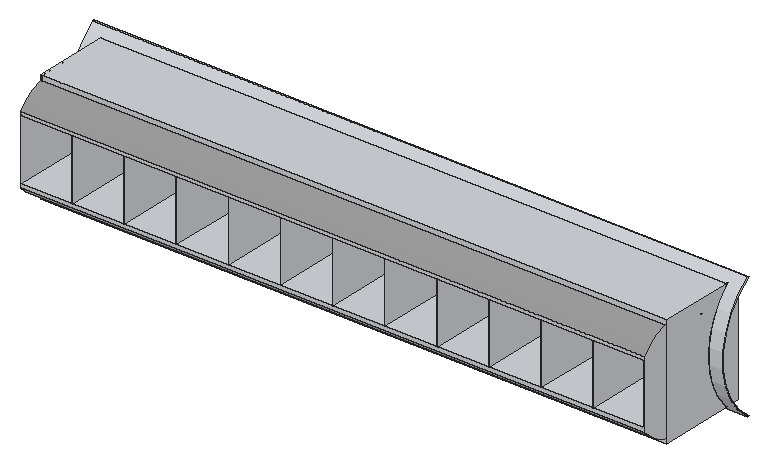
Revit family "ECOJET-10DIA-LENGTH", category Air Terminals, Revit 2018
Family settings
  Round Connector Dimension = Use Diameter
  Part Type = Normal
  Work Plane-Based = No
  Always vertical = Yes
  Cut with Voids When Loaded = No
  Shared = No
  Room Calculation Point = No
Parameters (values of type "ECOJET-60-10D")
  WIDOVER = 0' - 2 3/4"
  URL = "anemostat-hvac.com"
  Thickness = 0' - 0 1/16"
  RADIUS = 0' - 5"
  NORWID = NORMLENGTH - 0' 0 1/16"  # 4' - 11 15/16"
  NORMLENGTH = 5' - 0"
  NORHI = 0' - 10"
  Model = "ECOJET DRUM LOUVER"
  Manufacturer = "ANEMOSTAT-HVAC"
  IJOPENING = 0' - 6 9/16"
  HIOVER = 0' - 0 3/8"
  ECOJETBOX = ECBOX-10 : ECBOX-10
  BOXWID = NORWID + WIDOVER  # 5' - 2 11/16"
  BOXHI = NORHI + 0' 1"  # 0' - 11"
  BLADE [instance] = (NORMLENGTH / ADIM) - 1  # 11
  ADIM = 0' - 5"
Types (9): name | NORWID | NORMLENGTH | BOXWID | BLADE
  (no name) | 4' - 11 15/16" | 5' - 0" | 5' - 2 11/16" | 11
  ECOJET-20-10D | 1' - 7 15/16" | 1' - 8" | 1' - 10 11/16" | 3
  ECOJET-25-10D | 2' - 0 15/16" | 2' - 1" | 2' - 3 11/16" | 4
  ECOJET-30-10D | 2' - 5 15/16" | 2' - 6" | 2' - 8 11/16" | 5
  ECOJET-35-10D | 2' - 10 15/16" | 2' - 11" | 3' - 1 11/16" | 6
  ECOJET-40-10D | 3' - 3 15/16" | 3' - 4" | 3' - 6 11/16" | 7
  ECOJET-50-10D | 4' - 1 15/16" | 4' - 2" | 4' - 4 11/16" | 9
  ECOJET-60-10D | 4' - 11 15/16" | 5' - 0" | 5' - 2 11/16" | 11
  ECOJET-70-10D | 5' - 9 15/16" | 5' - 10" | 6' - 0 11/16" | 13
Reference planes (in)
  plane 1 "Center (Front/Back)": y = 0
  plane 2: z = 0
  plane 3 "Center (Left/Right)": x = 0
  plane 4 "REAR": y = 3.75
  plane 5 "RIGHTSIDE": x = 29.96875
  plane 6 "FRONT": y = -3.875
  plane 7 "LEFTSIDE": x = -29.96875
  plane 8: z = 5
  plane 9: z = -5
  plane 10: z = 3.28125
  plane 11: x = 29.90625
  plane 12: z = -3.28125
  plane 13: x = -29.90625
  plane 14 "BLADE": x = -24.96875
  plane 15: z = 3.21875
  plane 16: z = -3.21875
  plane 17: x = -29.90625
  plane 18: x = -25
  plane 19: x = -24.9375
  plane 20: z = 2.94
  plane 21: z = -2.875
Forms (in)
  Extrusion 1, solid
    sketch origin (29.96875, 0, 0) x (0, 1, 0) y (0, 0, -1)
      loop
        arc (-3.875, -3.28125) -> (-0.0625, -5.04631) -> (3.75, -3.28125) r 5
        line (3.75, -3.28125) -> (3.75, 3.28125)
        arc (3.75, 3.28125) -> (-0.0625, 5.04631) -> (-3.875, 3.28125) r 5
        line (-3.875, 3.28125) -> (-3.875, -3.28125)
    from 0 to 59.9375 <- "NORWID"
  Extrusion 2, void
    sketch origin (29.96875, -3.875, 3.28125) x (0, 0, 1) y (1, 0, 0)
      loop
        line (-0.28125, -59.875) -> (-0.28125, -0.0625) -> (-6.1875, -0.0625) -> (-6.1875, -59.875) -> (-0.28125, -59.875)
    from -1.37815 to 62.6875 <- "BOXWID"
Cuts and joins
  Extrusion 2 cuts Extrusion 1
Dimensions and locks (in)
  equal spacing: plane 7 "LEFTSIDE", plane 3 "Center (Left/Right)", plane 5 "RIGHTSIDE"
  "NORWID": plane 7 "LEFTSIDE" to plane 5 "RIGHTSIDE"
  equal spacing: plane 8, level, plane 9
  "NORHI": plane 8 to plane 9
  equal spacing: plane 5 "RIGHTSIDE", plane 3 "Center (Left/Right)", plane 7 "LEFTSIDE"
  "Thickness": plane 11 to plane 5 "RIGHTSIDE"
  locked: plane 7 "LEFTSIDE" to plane 13 at 0.0625
  "ADIM": plane 14 "BLADE" to plane 7 "LEFTSIDE"
  plane 1 "Center (Front/Back)" to plane 4 "REAR" = 0' - 3 3/4"
  plane 6 "FRONT" to plane 1 "Center (Front/Back)" = 0' - 3 7/8"
  locked: plane 4 "REAR" to plane 1 "Center (Front/Back)" at 3.75
  locked: plane 6 "FRONT" to plane 1 "Center (Front/Back)" at 3.875
  equal spacing: plane 10, level, plane 12
  "IJOPENING": plane 10 to plane 12
  "Thickness": plane 16 to plane 12
  "Thickness": plane 10 to plane 15
  "Thickness": plane 7 "LEFTSIDE" to plane 17
  plane 18 to plane 14 "BLADE" to plane 19 = 0' - 0 1/32" locked, 0' - 0 1/32" locked
  plane 20 to level to plane 21 = 0' - 2.94", 0' - 2 7/8"
  locked: plane 20 to plane 21 at 5.815
  locked: plane 20 to nested 2 at 0.02737
  equal spacing: group 1, group 2, group 3, group 4, group 5, group 6, group 7, group 8, group 9, group 10, group 11  (x3)
  "ADIM": nested 3 to plane 14 "BLADE"
  "RADIUS": radius of Extrusion 1 sketch curve  (x2)
  aligned and locked: plane 2 to level
  aligned and locked: Extrusion 1 sketch curve to plane 6 "FRONT"
  aligned and locked: Extrusion 2 sketch curve to plane 11
  aligned and locked: plane 17 to Extrusion 2 sketch curve
  aligned and locked: plane 3 "Center (Left/Right)" to nested 1
  aligned and locked: nested 1 to plane 1 "Center (Front/Back)"
  aligned and locked: plane 14 "BLADE" to nested 2
  aligned and locked: plane 6 "FRONT" to nested 4
  aligned and locked: plane 6 "FRONT" to nested 2
Automatic sketch dimensions
  Extrusion 1 sketch curve to plane 4 "REAR" = 0' - 0"
  Extrusion 1 sketch curve to plane 10 = 0' - 0"  (x2)
  plane 12 to Extrusion 1 sketch curve = 0' - 0"  (x2)
  Extrusion 2 sketch curve to Extrusion 1 = 0' - 0 3/8"
  Extrusion 1 to Extrusion 2 sketch curve = 0' - 0 9/32"
Nested families (in)
  nested 1: "ECBOX-10" at (0, 2.9375, 0), type <- "ECOJETBOX", type "ECBOX-10"
    with NORWID 4' - 11 15/16", MOUNTINGWID 5' - 2 13/16", BOXWID 5' - 2 11/16", BOXLENGTH 5' - 0 1/16"
  nested 2: "blade-10" at (-24.96875, 2.375, 0.03763), type "BLADE-10"
  nested 3: "blade-10" at (-19.96875, 2.375, 0.03763), type "BLADE-10"
  nested 4: "blade-10" at (-14.96875, 2.375, 0.03763), type "BLADE-10"
  nested 5: "blade-10" at (-9.96875, 2.375, 0.03763), type "BLADE-10"
  nested 6: "blade-10" at (-4.96875, 2.375, 0.03763), type "BLADE-10"
  nested 7: "blade-10" at (0.03125, 2.375, 0.03763), type "BLADE-10"
  nested 8: "blade-10" at (5.03125, 2.375, 0.03763), type "BLADE-10"
  nested 9: "blade-10" at (10.03125, 2.375, 0.03763), type "BLADE-10"
  nested 10: "blade-10" at (15.03125, 2.375, 0.03763), type "BLADE-10"
  nested 11: "blade-10" at (20.03125, 2.375, 0.03763), type "BLADE-10"
  nested 12: "blade-10" at (25.03125, 2.375, 0.03763), type "BLADE-10"
Definition of nested family "ECBOX-10"
  Parameters (values of type "ECBOX-10")
    WIDOVER = 0' - 2 3/4"
    RAD = MOUNTRAD - 0' 0 1/16"  # 0' - 7 7/16"
    NORWID = 1' - 7 15/16"
    NORHI = 0' - 10"
    MOUNTRAD = 0' - 7 1/2"
    MOUNTINGWID = BOXLENGTH + 0' 2 3/4"  # 1' - 10 13/16"
    MOUNTINGHI = NORHI + HIOVER  # 1' - 0"
    LENGTHOVER = 0' - 0 1/16"
    IJCENTER = 0' - 2 5/16"
    HIOVER = 0' - 2"
    FLANGE = 0' - 0 1/2"
    DRUMCENTER = 0' - 1 5/16"
    CENTERDRUM = 1.06
    BOXWID = NORWID + WIDOVER  # 1' - 10 11/16"
    BOXLENGTH = NORWID + LENGTHOVER + 0' 0 1/16"  # 1' - 8 1/16"
    BOXHI = NORHI + 0' 0 5/8"  # 0' - 10 5/8"
    BOX = BDIM - LENGTHOVER  # 0' - 8 7/16"
    BDIM = 0' - 8 1/2"
  Reference planes (in)
    plane 1 "Center (Front/Back)": y = 0
    plane 2: z = 0
    plane 3 "Center (Left/Right)": x = 0
    plane 4: y = 4.25
    plane 5: x = 10.03125
    plane 6: y = -4.25
    plane 7: x = -10.03125
    plane 8: z = 5.3125
    plane 9: z = -5.3125
    plane 10: y = -2.9375
    plane 11: z = 6
    plane 12: z = -6
    plane 13: y = 3.25
    plane 14 "MTGRIGHT": x = 11.40625
    plane 15 "MTGLEFT": x = -11.40625
    plane 16: y = 3.8125
    plane 17: y = 3.71875
    plane 18: x = 9.96875
    plane 19: z = -5.25
    plane 20: x = -9.96875
    plane 21: z = 5.25
  Forms (in)
    Extrusion 1, solid
      sketch origin (-61.38008, 4.25, 48) x (-1, 0, 0) y (0, 0, -1)
        loop
          line (-51.34883, 42.6875) -> (-51.34883, 53.3125) -> (-71.41133, 53.3125) -> (-71.41133, 42.6875) -> (-51.34883, 42.6875)
      from 0 to 8.5 <- "BDIM"
    Extrusion 2, void
      sketch origin (-61.38008, -4.25, 48) x (1, 0, 0) y (0, 0, -1)
        loop
          line (51.41133, 43.1875) -> (71.34883, 43.1875) -> (71.34883, 52.8125) -> (51.41133, 52.8125) -> (51.41133, 43.1875)
      from 0 to 7.5 <- "MOUNTRAD"
    Extrusion 3, solid
      sketch origin (11.40625, 0, 0) x (0, 0, -1) y (0, -1, 0)
        loop
          line (-6, -3.71875) -> (-6, -3.8125)
          arc (-6, -3.8125) -> (0, -0.77004) -> (6, -3.8125) r 7.4375
          line (6, -3.8125) -> (6, -3.71875)
          arc (6, -3.71875) -> (0, -0.71875) -> (-6, -3.71875) r 7.5
      from 0 to 22.8125 <- "MOUNTINGWID"
    Extrusion 4, void
      sketch origin (-61.38008, 4.25, 48) x (-1, 0, 0) y (0, 0, -1)
        loop
          line (-71.34883, 42.75) -> (-51.41133, 42.75) -> (-51.41133, 53.25) -> (-71.34883, 53.25) -> (-71.34883, 42.75)
      from 0 to 8.4375 <- "BOX"
    Extrusion 5, void
      sketch origin (-61.38008, 4.25, 48) x (-1, 0, 0) y (0, 0, -1)
        loop
          line (-71.34883, 42.75) -> (-51.41133, 42.75) -> (-51.41133, 53.25) -> (-71.34883, 53.25) -> (-71.34883, 42.75)
      from 0 to 7.5 <- "MOUNTRAD"
  Cuts and joins
    Extrusion 2, Extrusion 4, Extrusion 5 cuts Extrusion 1
    Extrusion 5 cuts Extrusion 3
    joined: Extrusion 1, Extrusion 3
  Dimensions and locks (in)
    equal spacing: plane 7, plane 3 "Center (Left/Right)", plane 5
    "BOXLENGTH": plane 7 to plane 5
    equal spacing: plane 4, plane 1 "Center (Front/Back)", plane 6
    "BDIM": plane 4 to plane 6
    equal spacing: plane 8, level, plane 9
    "BOXHI": plane 8 to plane 9
    equal spacing: plane 5, plane 3 "Center (Left/Right)", plane 7
    equal spacing: plane 6, plane 1 "Center (Front/Back)", plane 4
    plane 6 to plane 4 = 0' - 8 1/2"
    "DRUMCENTER": plane 6 to plane 10
    "LENGTHOVER": plane 5 to Extrusion 2 sketch curve
    "FLANGE": Extrusion 2 sketch curve to plane 9
    "LENGTHOVER": Extrusion 2 sketch curve to plane 7
    "FLANGE": plane 8 to Extrusion 2 sketch curve
    equal spacing: plane 11, level, plane 12
    "MOUNTINGHI": plane 11 to plane 12
    plane 13 to plane 4 = 0' - 1"
    equal spacing: plane 14 "MTGRIGHT", plane 3 "Center (Left/Right)", plane 15 "MTGLEFT"
    "MOUNTINGWID": plane 14 "MTGRIGHT" to plane 15 "MTGLEFT"
    locked: plane 16 to plane 4 at 0.4375
    plane 17 to plane 16 = 0' - 0 3/32"
    "LENGTHOVER": plane 21 to plane 8
    "LENGTHOVER": plane 20 to plane 7
    "LENGTHOVER": plane 9 to plane 19
    "LENGTHOVER": plane 5 to plane 18
    "MOUNTRAD": radius of Extrusion 3 sketch curve
    "RAD": radius of Extrusion 3 sketch curve
    aligned and locked: plane 2 to level
    aligned and locked: plane 8 to Extrusion 1 sketch curve
    aligned and locked: plane 7 to Extrusion 1 sketch curve
    aligned and locked: plane 9 to Extrusion 1 sketch curve
    aligned and locked: Extrusion 1 sketch curve to plane 5
    aligned and locked: plane 21 to Extrusion 4 sketch curve
    aligned and locked: Extrusion 4 sketch curve to plane 18
    aligned and locked: Extrusion 4 sketch curve to plane 19
    aligned and locked: plane 20 to Extrusion 4 sketch curve
    aligned and locked: Extrusion 5 sketch curve to cut or joined group of Extrusion 1, Extrusion 2, Extrusion 3, Extrusion 4, Extrusion 5  (x4)
  Automatic sketch dimensions
    Extrusion 3 sketch curve to plane 11 = 0' - 0"
    Extrusion 3 sketch curve to level = 0' - 0"  (x2)
    plane 12 to Extrusion 3 sketch curve = 0' - 0"
    Extrusion 3 sketch curve to plane 16 = 0' - 0"
    Extrusion 3 sketch curve to plane 17 = 0' - 0"
Definition of nested family "blade-10"
  Parameters (values of type "BLADE-10")
    Width = 0' - 6 1/4"
    Thickness = 0' - 0 1/16"
    Height = 0' - 5 3/4"
  Reference planes (in)
    plane 1 "Center (Front/Back)": y = 0
    plane 2: z = 0
    plane 3 "Center (Left/Right)": x = 0
    plane 4: x = -0.03125
    plane 5: x = 0.03125
    plane 6: y = 3.125
    plane 7: y = -3.125
    plane 8: z = 2.875
    plane 9: z = -2.875
  Forms (in)
    Extrusion 1, solid
      sketch origin (0, 0, 0) x (1, 0, 0) y (0, 0, 1)
        loop
          line (-0.03125, 2.875) -> (-0.03125, -2.875) -> (0.03125, -2.875) -> (0.03125, 2.875) -> (-0.03125, 2.875)
      from 0 to 6.25 <- "Width"
  Dimensions and locks (in)
    equal spacing: plane 4, plane 3 "Center (Left/Right)", plane 5
    equal spacing: plane 6, plane 1 "Center (Front/Back)", plane 7
    "Width": plane 6 to plane 7
    "Thickness": plane 4 to plane 5
    equal spacing: plane 8, level, plane 9
    "Height": plane 8 to plane 9
    aligned and locked: plane 2 to level
    aligned and locked: Extrusion 1 sketch curve to plane 8
    aligned and locked: plane 4 to Extrusion 1 sketch curve
    aligned and locked: Extrusion 1 sketch curve to plane 5
    aligned and locked: Extrusion 1 sketch curve to plane 9
